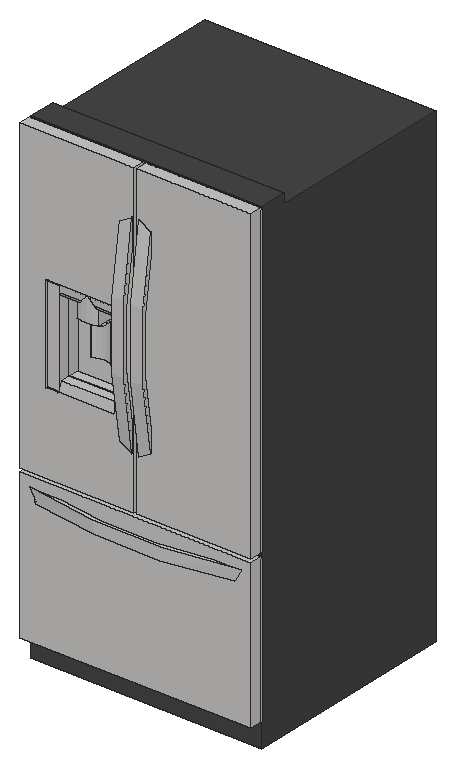
Revit family "M_Refrigerador-porta francesa-com dispensador de gelo e água", category Equipamento especial, Revit 2019
Family settings
  Cota do conector redondo = Utilizar diâmetro
  Tipo de parte = Normal
  Número OmniClass = 23.40.40.14
  Título OmniClass = Food Service Equipment
  Com base no plano de trabalho = Não
  Sempre na vertical = Sim
  Corte com vazios quando carregada = Não
  Compartilhado = Não
  Ponto de cálculo do ambiente = Não
Parameters (values of type "850mm")
  Lente = Eletrodoméstico – Lente
  Junta = Eletrodoméstico – Junta
  Largura da porta = Largura / 2 - 5 mm  # 420 mm
  Largura = 850 mm
  Deslocamento de parede = 100 mm
  Voltagem = 120 V
  Mostrar legenda = yes
  Consumo de energia = 1000 VA
  Legenda = "Refrigerador"
  Altura = 1750 mm
  Descrição = "Refrigerador com porta francesa, dispensador de gelo e água"
  Linear = 850 mm
  Código de montagem = "E1090320"
  Acabamento do eletrodoméstico = Eletrodoméstico – Aço inoxidável
  Corpo do eletrodoméstico = Eletrodoméstico – Aço – Preto
  Amperagem = Consumo de energia / Voltagem  # 8.33333 A
Types (2, lengths in mm): name | Largura da porta | Largura
  900mm | 445 | 900
  850mm | 420 | 850
Reference planes
  plane 1 "Parte posterior": y = 0
  plane 2: z = 0
  plane 3 "Centro (Esquerda/Direita)": x = 0
  plane 4 "Esquerda": x = -425
  plane 5 "Direita": x = 425
  plane 6: y = -100
  plane 7 "Parte frontal": y = -950
  plane 8 "Traseira da porta": y = -899.2
  plane 9 "Corpo T.O": z = 1750
  plane 10 "Porta B.O.": z = 88.9
  plane 11 "Superior": z = 1784.925
  plane 12: x = -12.7
  plane 13: z = 1619.825
  plane 14: z = 819.15
  plane 15: x = 12.7
  plane 16: z = 647.7
  plane 17: z = 596.9
  plane 18: z = 946.041
  plane 19 "Gelo T.O.": z = 1301.641
  plane 20 "Gelo – Água": x = -330.2
  plane 21: x = -76.2
Forms (mm)
  Extrusion 1, solid, material "Eletrodoméstico – Aço – Preto" <- "Corpo do eletrodoméstico"
    sketch origin (0, 0, 0) x (1, 0, 0) y (0, 1, 0)
      loop
        line (-425, -100) -> (-425, -899.2) -> (425, -899.2) -> (425, -100) -> (-425, -100)
    from 0 to 1750
  Extrusion 2, solid, material "Eletrodoméstico – Aço inoxidável" <- "Acabamento do eletrodoméstico"
    sketch origin (0, -950, 0) x (-1, 0, 0) y (0, 0, 1)
      loop
        line (425, 1784.925) -> (6.35, 1784.925) -> (6.35, 647.7) -> (425, 647.7) -> (425, 1784.925)
      loop
        line (-6.35, 1784.925) -> (-425, 1784.925) -> (-425, 647.7) -> (-6.35, 647.7) -> (-6.35, 1784.925)
      loop
        line (425, 635) -> (-425, 635) -> (-425, 88.9) -> (425, 88.9) -> (425, 635)
    from 0 to 44.45
  Sweep 3, solid, material "Eletrodoméstico – Junta" <- "Junta", detail levels fine
    path in 3D
      loop
        line (-425, -950, 1784.925) -> (-425, -950, 647.7) -> (-6.35, -950, 647.7) -> (-6.35, -950, 1784.925) -> (-425, -950, 1784.925)
    profile origin (-215.675, -950, 1784.925) x (0, -1, 0) y (0, 0, 1)
      loop
        arc (-44.45, -3.175) -> (-47.625, 0) -> (-50.8, -3.175) r 3.175
        line (-50.8, -3.175) -> (-50.8, -19.05) -> (-44.45, -19.05) -> (-44.45, -3.175)
  Sweep 4, solid, material "Eletrodoméstico – Junta" <- "Junta", detail levels fine
    path in 3D
      loop
        line (6.35, -950, 1784.925) -> (6.35, -950, 647.7) -> (425, -950, 647.7) -> (425, -950, 1784.925) -> (6.35, -950, 1784.925)
    profile origin (215.675, -950, 1784.925) x (0, -1, 0) y (0, 0, 1)
      loop
        arc (-44.45, -3.175) -> (-47.625, 0) -> (-50.8, -3.175) r 3.175
        line (-50.8, -3.175) -> (-50.8, -19.05) -> (-44.45, -19.05) -> (-44.45, -3.175)
  Sweep 5, solid, material "Eletrodoméstico – Junta" <- "Junta", detail levels fine
    path in 3D
      loop
        line (-425, -950, 635) -> (-425, -950, 88.9) -> (425, -950, 88.9) -> (425, -950, 635) -> (-425, -950, 635)
    profile origin (0, -950, 635) x (0, -1, 0) y (0, 0, 1)
      loop
        arc (-44.45, -3.175) -> (-47.625, 0) -> (-50.8, -3.175) r 3.175
        line (-50.8, -3.175) -> (-50.8, -6.35) -> (-44.45, -6.35) -> (-44.45, -3.175)
  Extrusion 6, void
    sketch origin (-330.2, 0, 0) x (0, 0, 1) y (0, -1, 0)
      loop
        line (1301.641, 950) -> (946.041, 950) -> (984.141, 943.65) -> (984.141, 867.45) -> (1263.541, 867.45) -> (1263.541, 935.029)
        arc (1263.541, 935.029) -> (1266.877, 943.609) -> (1275.134, 947.681) r 12.7
        line (1275.134, 947.681) -> (1301.641, 950)
    from 50.8 to 254
  Extrusion 7, solid, material "Eletrodoméstico – Aço inoxidável" <- "Acabamento do eletrodoméstico"
    sketch origin (0, 0, 1301.641) x (-1, 0, 0) y (0, -1, 0)
      loop
        arc (215.9, 943.65) -> (177.8, 950) -> (139.7, 943.65) r 117.475
        line (139.7, 943.65) -> (139.7, 867.45) -> (215.9, 867.45) -> (215.9, 943.65)
    from 0 to -88.791
  Extrusion 8, solid, material "Eletrodoméstico – Aço inoxidável" <- "Acabamento do eletrodoméstico", detail levels fine
    sketch origin (0, 0, 1301.641) x (-1, 0, 0) y (0, -1, 0)
      loop
        arc (139.7, 880.15) -> (177.8, 871.826) -> (215.9, 880.15) r 91.358
        arc (215.9, 880.15) -> (217.462, 884.36) -> (213.252, 885.921) r 3.175
        arc (213.252, 885.921) -> (177.8, 878.176) -> (142.348, 885.921) r 85.008
        arc (142.348, 885.921) -> (138.138, 884.36) -> (139.7, 880.15) r 3.175
    from -240.924 to -101.344
  Extrusion 9, void
    sketch origin (-330.2, 0, 0) x (0, 0, 1) y (0, -1, 0)
      loop
        arc (1298.466, 946.825) -> (1300.711, 947.755) -> (1301.641, 950) r 3.175
        line (1301.641, 950) -> (946.041, 950)
        arc (946.041, 950) -> (946.971, 947.755) -> (949.216, 946.825) r 3.175
        line (949.216, 946.825) -> (1298.466, 946.825)
    from 0 to 50.8
  Extrusion 10, solid, material "Eletrodoméstico – Aço – Preto" <- "Corpo do eletrodoméstico"
    sketch origin (0, 0, 0) x (0, 1, 0) y (0, 0, 1)
      loop
        line (-899.2, 1784.925) -> (-899.2, 1750) -> (-797.6, 1750) -> (-797.6, 1784.925) -> (-899.2, 1784.925)
    from -425 to 425
  Extrusion 11, solid, material "Eletrodoméstico – Aço – Preto" <- "Corpo do eletrodoméstico"
    sketch origin (0, -899.2, 0) x (-1, 0, 0) y (0, 0, 1)
      loop
        line (279.4, 1263.541) -> (76.2, 1263.541) -> (76.2, 984.141) -> (279.4, 984.141) -> (279.4, 1263.541)
      loop
        line (355.6, 1327.041) -> (50.8, 1327.041) -> (50.8, 920.641) -> (355.6, 920.641) -> (355.6, 1327.041)
    from 0 to -6.35
  Extrusion 12, solid, material "Eletrodoméstico – Lente" <- "Lente", detail levels fine
    sketch origin (-330.2, 0, 0) x (0, 0, 1) y (0, -1, 0)
      loop
        line (1212.85, 949.216) -> (1199.432, 920.441) -> (1199.432, 899.2) -> (1212.85, 867.45) -> (1212.85, 949.216)
    from 114.3 to 190.5
Cuts and joins
  Extrusion 6 cuts Extrusion 1
  joined: Extrusion 1, Extrusion 10, Extrusion 11
  Extrusion 6, Extrusion 9 cuts Extrusion 2
  joined: Extrusion 2, Extrusion 7
  Extrusion 6 cuts Sweep 3
Lines and regions (mm)
  Split face 1
    outline origin (-425, -100, 0) x (1, 0, 0) y (0, 0, -1)
      loop
        circle (697.6, -1597.6) r 50.8
  Split face 2
    outline origin (-425, -100, 0) x (1, 0, 0) y (0, 0, -1)
      loop
        circle (425, -88.9) r 50.8
  Masking region 1
    outline origin (0, 0, 0) x (1, 0, 0) y (0, 1, 0)
      loop
        line (-425, -100) -> (-425, -950) -> (425, -950) -> (425, -100) -> (-425, -100)
  Masking region 2, detail levels fine
    outline origin (0, 0, 0) x (1, 0, 0) y (0, 1, 0)
      loop
        line (-57.15, -950) -> (-57.15, -994.45) -> (-12.7, -994.45) -> (-12.7, -950) -> (-57.15, -950)
      loop
        line (12.7, -950) -> (12.7, -994.45) -> (57.15, -994.45) -> (57.15, -950) -> (12.7, -950)
  symbolic lines, style "Eletrodomésticos – Giro da planta", detail levels medium+fine
    curve 1: arc (-5, -950, 0) -> (-128.015, -1246.985, 0) -> (-425, -1370, 0) r 420
    curve 2: line (-425, -950, 0) -> (-425, -1370, 0)
    curve 3: arc (5, -950, 0) -> (128.015, -1246.985, 0) -> (425, -1370, 0) r 420
    curve 4: line (425, -1370, 0) -> (425, -950, 0)
  sketch lines
    curve 5: line (-6.35, -950, 1784.925) -> (-425, -950, 1784.925)
    curve 6: line (-6.35, -950, 647.7) -> (-6.35, -950, 1784.925)
    curve 7: line (-425, -950, 647.7) -> (-6.35, -950, 647.7)
    curve 8: line (-425, -950, 1784.925) -> (-425, -950, 647.7)
    curve 9: line (425, -950, 1784.925) -> (6.35, -950, 1784.925)
    curve 10: line (425, -950, 647.7) -> (425, -950, 1784.925)
    curve 11: line (6.35, -950, 647.7) -> (425, -950, 647.7)
    curve 12: line (6.35, -950, 1784.925) -> (6.35, -950, 647.7)
    curve 13: line (425, -950, 635) -> (-425, -950, 635)
    curve 14: line (425, -950, 88.9) -> (425, -950, 635)
    curve 15: line (-425, -950, 88.9) -> (425, -950, 88.9)
    curve 16: line (-425, -950, 635) -> (-425, -950, 88.9)
  symbolic lines, style "Eletrodomésticos"
    curve 17: line (-425, -950, 0) -> (-425, -100, 0)
    curve 18: line (425, -950, 0) -> (-425, -950, 0)
    curve 19: line (425, -100, 0) -> (425, -950, 0)
    curve 20: line (-425, -100, 0) -> (425, -100, 0)
    curve 21: line (-425, -899.2, 0) -> (425, -899.2, 0)
  symbolic lines, style "Eletrodomésticos", detail levels medium+fine
    curve 22: line (-5, -950, 0) -> (-5, -899.2, 0)
    curve 23: line (5, -950, 0) -> (5, -899.2, 0)
Dimensions and locks
  equal spacing: plane 4 "Esquerda", plane 3 "Centro (Esquerda/Direita)", plane 5 "Direita"
  "Largura": plane 4 "Esquerda" to plane 5 "Direita"
  "Linear": plane 6 to plane 7 "Parte frontal"
  "Deslocamento de parede": plane 1 "Parte posterior" to plane 6
  "Altura": plane 9 "Corpo T.O" to level
  plane 10 "Porta B.O." to level = 88.9 mm
  locked: plane 8 "Traseira da porta" to plane 7 "Parte frontal" at 50.8
  plane 11 "Superior" to plane 13 = 165.1 mm
  plane 14 to plane 16 = 171.45 mm
  locked: Split face 1 sketch curve to plane 9 "Corpo T.O" at 152.4
  locked: plane 5 "Direita" to Split face 1 sketch curve at 152.4
  plane 12 to plane 3 "Centro (Esquerda/Direita)" to plane 15 = 12.7 mm locked, 12.7 mm locked
  plane 16 to plane 10 "Porta B.O." = 558.8 mm
  locked: plane 16 to Extrusion 2 sketch curve at 12.7
  Extrusion 2 sketch curve to plane 3 "Centro (Esquerda/Direita)" to Extrusion 2 sketch curve = 6.35 mm locked, 6.35 mm locked
  locked: plane 16 to plane 17 at 50.8
  locked: plane 11 "Superior" to Sweep 3 sketch curve at 19.05
  locked: plane 11 "Superior" to Sweep 4 sketch curve at 19.05
  locked: plane 16 to Sweep 5 sketch curve at 19.05
  equal spacing: plane 6, nested 1, plane 8 "Traseira da porta"
  locked: plane 11 "Superior" to plane 9 "Corpo T.O" at 34.925
  plane 13 to plane 14 = 800.675 mm
  plane 19 "Gelo T.O." to plane 18 = 355.6 mm
  plane 21 to plane 20 "Gelo – Água" = 254 mm
  locked: plane 3 "Centro (Esquerda/Direita)" to plane 21 at 76.2
  cut or joined group of Extrusion 2, Extrusion 6, Extrusion 7, Extrusion 9 to plane 20 "Gelo – Água" = 50.8 mm
  plane 19 "Gelo T.O." to Extrusion 8 to Extrusion 8 = 101.344 mm locked, 139.58 mm locked
  locked: Extrusion 9 to plane 20 "Gelo – Água" at 50.8
  locked: Extrusion 10 sketch curve to plane 8 "Traseira da porta" at 101.6
  plane 20 "Gelo – Água" to Extrusion 11 sketch curve = 25.4 mm
  locked: Extrusion 11 sketch curve to plane 19 "Gelo T.O." at 25.4
  locked: plane 18 to Extrusion 11 sketch curve at 25.4
  locked: Extrusion 11 sketch curve to plane 21 at 25.4
  "Largura da porta": radius of curve 3
  "Largura da porta": radius of curve 1
  aligned and locked: plane 2 to level
  aligned and locked: Extrusion 1 sketch curve to plane 6
  aligned and locked: plane 4 "Esquerda" to Extrusion 1 sketch curve
  aligned and locked: plane 8 "Traseira da porta" to Extrusion 1 sketch curve
  aligned and locked: Extrusion 1 sketch curve to plane 5 "Direita"
  aligned and locked: plane 9 "Corpo T.O" to Extrusion 1
  aligned and locked: plane 3 "Centro (Esquerda/Direita)" to Split face 2 sketch curve
  aligned and locked: plane 10 "Porta B.O." to Split face 2 sketch curve
  aligned and locked: plane 16 to Extrusion 2 sketch curve  (x2)
  aligned and locked: plane 4 "Esquerda" to Extrusion 2 sketch curve  (x2)
  aligned and locked: Extrusion 2 sketch curve to plane 5 "Direita"  (x2)
  aligned and locked: plane 10 "Porta B.O." to Extrusion 2 sketch curve
  aligned and locked: curve 21 to plane 8 "Traseira da porta"
  aligned and locked: plane 3 "Centro (Esquerda/Direita)" to nested 1
  aligned and locked: Masking region 1 sketch curve to plane 6
  aligned and locked: Masking region 1 sketch curve to plane 4 "Esquerda"
  aligned and locked: plane 7 "Parte frontal" to Masking region 1 sketch curve
  aligned and locked: Masking region 1 sketch curve to plane 5 "Direita"
  aligned and locked: Extrusion 2 sketch curve to plane 11 "Superior"  (x2)
  aligned and locked: nested 2 to plane 15
  aligned and locked: nested 2 to plane 13
  aligned and locked: plane 12 to nested 3
  aligned and locked: plane 13 to nested 3
  aligned and locked: plane 3 "Centro (Esquerda/Direita)" to nested 4
  aligned and locked: plane 17 to nested 4
  aligned and locked: plane 21 to Extrusion 6
  aligned and locked: plane 19 "Gelo T.O." to Extrusion 7
  aligned and locked: plane 11 "Superior" to Extrusion 10 sketch curve
  aligned and locked: Extrusion 10 sketch curve to plane 8 "Traseira da porta"
  aligned and locked: Extrusion 10 sketch curve to plane 9 "Corpo T.O"
  aligned and locked: plane 5 "Direita" to Extrusion 10
  aligned and locked: Extrusion 10 to plane 4 "Esquerda"
  aligned and locked: cut or joined group of Extrusion 2, Extrusion 6, Extrusion 7, Extrusion 9 to Extrusion 11 sketch curve
  aligned and locked: Sweep 4 to Extrusion 11
  aligned and locked: Extrusion 11 sketch curve to cut or joined group of Extrusion 1, Extrusion 6, Extrusion 10, Extrusion 11  (x2)
  aligned and locked: cut or joined group of Extrusion 2, Extrusion 6, Extrusion 7, Extrusion 9 to Extrusion 12
  aligned and locked: Extrusion 12 to cut or joined group of Extrusion 2, Extrusion 6, Extrusion 7, Extrusion 9
  aligned and locked: Masking region 2 sketch curve to nested 3  (x4)
  aligned and locked: Masking region 2 sketch curve to nested 2  (x4)
Automatic sketch dimensions
  Sweep 3 sketch curve to profile plane = 3.175 mm
  profile plane to Sweep 3 sketch curve = 50.8 mm
  Sweep 3 sketch curve to Sweep 3 sketch curve = 3.175 mm
  Sweep 4 sketch curve to profile plane = 3.175 mm
  profile plane to Sweep 4 sketch curve = 50.8 mm
  Sweep 4 sketch curve to Sweep 4 sketch curve = 3.175 mm
  profile plane to Sweep 5 sketch curve = 50.8 mm
  Sweep 5 sketch curve to Sweep 5 sketch curve = 3.175 mm
  Sweep 5 sketch curve to profile plane = 3.175 mm
  Extrusion 6 sketch curve to plane 7 "Parte frontal" = 0 mm
  Extrusion 6 sketch curve to plane 18 = 0 mm
  Extrusion 6 sketch curve to plane 19 "Gelo T.O." = 0 mm
  plane 7 "Parte frontal" to Extrusion 6 sketch curve = 6.35 mm
  plane 18 to Extrusion 6 sketch curve = 38.1 mm
  Extrusion 6 sketch curve to plane 19 "Gelo T.O." = 38.1 mm
  plane 7 "Parte frontal" to Extrusion 6 sketch curve = 2.319 mm
  Extrusion 6 sketch curve to Extrusion 6 sketch curve = 11.593 mm
  Extrusion 6 sketch curve to Extrusion 6 sketch curve = 1.107 mm
  plane 8 "Traseira da porta" to Extrusion 6 sketch curve = 31.75 mm
  Extrusion 7 sketch curve to plane 21 = 63.5 mm
  Extrusion 7 sketch curve to Extrusion 7 sketch curve = 38.1 mm  (x2)
  plane 8 "Traseira da porta" to Extrusion 7 sketch curve = 66.675 mm
  plane 8 "Traseira da porta" to Extrusion 7 sketch curve = 31.75 mm
  plane 7 "Parte frontal" to Extrusion 7 sketch curve = 6.35 mm
  Extrusion 8 sketch curve to Extrusion 8 sketch curve = 0 mm  (x5)
  plane 8 "Traseira da porta" to Extrusion 8 sketch curve = 16.164 mm  (x2)
  Extrusion 8 sketch curve to plane 21 = 64.824 mm
  Extrusion 8 sketch curve to plane 7 "Parte frontal" = 13.184 mm
  Extrusion 8 sketch curve to Extrusion 8 sketch curve = 36.776 mm
  Extrusion 8 sketch curve to Extrusion 8 sketch curve = 73.552 mm
  Extrusion 8 sketch curve to Extrusion 8 sketch curve = 1.324 mm
  Extrusion 9 sketch curve to plane 7 "Parte frontal" = 0 mm
  Extrusion 9 sketch curve to plane 18 = 0 mm
  Extrusion 9 sketch curve to plane 19 "Gelo T.O." = 0 mm
  plane 18 to Extrusion 9 sketch curve = 3.175 mm
  plane 20 "Gelo – Água" to Extrusion 11 sketch curve = 50.8 mm
  Extrusion 12 sketch curve to plane 8 "Traseira da porta" = 0 mm
  Extrusion 12 sketch curve to plane 8 "Traseira da porta" = 21.241 mm
  Extrusion 12 sketch curve to plane 19 "Gelo T.O." = 102.209 mm
  plane 8 "Traseira da porta" to Extrusion 12 sketch curve = 31.75 mm
  Extrusion 12 sketch curve to Extrusion 12 sketch curve = 13.418 mm
  plane 7 "Parte frontal" to Extrusion 12 sketch curve = 0.784 mm
  curve 1 to plane 4 "Esquerda" = 0 mm
  curve 23 to plane 7 "Parte frontal" = 0 mm
  curve 19 to plane 5 "Direita" = 0 mm
  curve 1 to plane 7 "Parte frontal" = 0 mm
  curve 2 to plane 7 "Parte frontal" = 0 mm
  curve 19 to plane 6 = 0 mm
  radius of Split face 1 sketch curve = 50.8 mm
  radius of Split face 2 sketch curve = 50.8 mm
Nested families
  nested 1: "Anotação de legenda de 2,5" at (0, -499.6, 0), visible <- "Mostrar legenda", type "Anotação de legenda de 2,5"
  nested 2: "M_Puxador" at (12.7, -950, 1229.825) x (-1, 0, 0) z (0, -1, 0), type "M_Puxador", detail levels fine
  nested 3: "M_Puxador" at (-12.7, -950, 1229.825) x (1, 0, 0) z (0, -1, 0), type "M_Puxador", detail levels fine
  nested 4: "M_Puxador" at (0, -950, 596.9) x (0, 0, 1) z (0, -1, 0), type "M_Puxador", detail levels fine
Connectors
  electrical at (272.6, -100, 1597.6), driven by "Voltagem", driven by "Consumo de energia"
    settings: on Extrusion 1, index 1, voltage 120 V, apparent load 1000 VA, apparent load phase1 0 VA, apparent load phase2 0 VA, apparent load phase3 0 VA, power factor 1, load classification "Eletrodoméstico", number of poles 1, system type 30, power factor state 1, is connector primary yes, connector utility no, sub classification motor no, connector description "Potência do refrigerador"
  piping at (0, -100, 88.9), diameter 6.35
    settings: on Extrusion 1, index 2, connector inside diameter 609.6 mm, connector length 0 mm, flow factor 0, pipe flow 0.0 L/s, pressure drop 0.0 Pa, fitting loss kfactor 0, connector angle 0.00°, fixture units 1, engagement length 0 mm, angle of deflection 0.00°, flow configuration 3, flow direction 1, fitting loss method 0, system type 20, joint type 0, gender type 0, connector reference index -1, connector utility 0, adjustable connector no, is connector primary yes, connector description "Gelo – Suprimento de água"
Definition of nested family "M_Puxador"
  Parameters (values of type "Puxador")
    Material = none
    Altura = 780 mm
    Default Elevation = 1200 mm
  Reference planes
    plane 1 "Centro (Frente/Trás)": y = 0
    plane 2: z = 0
    plane 3 "Centro (Esquerda/Direita)": x = 0
    plane 4: y = 390
    plane 5: y = -390
    plane 6: x = -44.45
    plane 7: y = 364.6
    plane 8: y = -364.6
    plane 9: z = 44.45
  Forms (mm)
    Blend 1, solid, material <- "Material"
      base sketch origin (0, 0, 0) x (0, 1, 0) y (0, 0, 1)
        loop
          line (-390, 0) -> (-288.4, 0)
          arc (-288.4, 0) -> (0, 31.865) -> (288.4, 0) r 1321.055
          line (288.4, 0) -> (390, 0)
          arc (390, 0) -> (0, 43.629) -> (-390, 0) r 1764.932
      top sketch origin (0, 0, 0) x (0, 1, 0) y (0, 0, 1)
        loop
          line (-364.6, 0) -> (-288.4, 0)
          arc (-288.4, 0) -> (0, 31.865) -> (288.4, 0) r 1321.055
          line (288.4, 0) -> (364.6, 0)
          arc (364.6, 0) -> (0, 43.574) -> (-364.6, 0) r 1547.163
      from 0 to -44.45
  Dimensions and locks
    locked: plane 6 to plane 3 "Centro (Esquerda/Direita)" at 44.45
    equal spacing: plane 4, plane 1 "Centro (Frente/Trás)", plane 5
    "Altura": plane 4 to plane 5
    locked: plane 8 to plane 5 at 25.4
    locked: plane 4 to plane 7 at 25.4
    plane 9 to level = 44.45 mm
    aligned and locked: level to plane 2
    aligned and locked: Blend 1 to plane 6
    aligned and locked: plane 3 "Centro (Esquerda/Direita)" to Blend 1
  Automatic sketch dimensions
    Blend 1 sketch curve to plane 8 = 0 mm
    Blend 1 sketch curve to level = 0 mm  (x4)
    Blend 1 sketch curve to plane 1 "Centro (Frente/Trás)" = 0 mm  (x4)
    Blend 1 sketch curve to level = 1289.19 mm  (x2)
    Blend 1 sketch curve to Blend 1 sketch curve = 214.399 mm
    plane 8 to Blend 1 sketch curve = 76.2 mm  (x2)
    Blend 1 sketch curve to plane 5 = 0 mm
    Blend 1 sketch curve to Blend 1 sketch curve = 432.113 mm
Definition of nested family "Anotação de legenda de 2,5"
  Parameters
    Legenda = "Congelador 36 LH"
  Reference planes
    plane 1: y = 0
    plane 2: x = 0
  Text (mm)
    label "Legenda" at (0.095, -0.088, 0), shows "Legenda"
